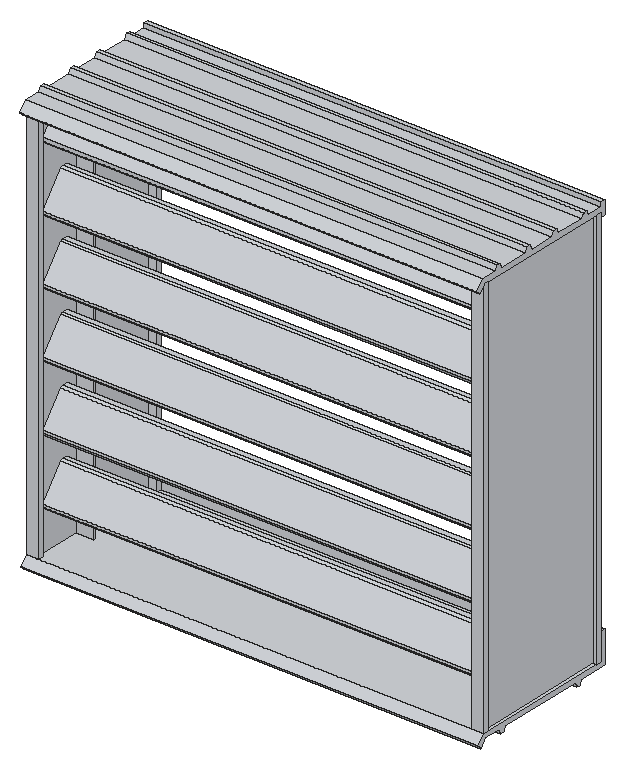
Revit family "FVE", category Mechanical Equipment, Revit 2015
Parameters
  URL = "https://unitedenertech.com/catalog/pdf/A_41%20FVE,%20FVF.pdf"
  Type Comments = "Max. Single Section Size is (48\"w x 15-3/4\"h)"
  Model = "FVE"
  Manufacturer = "United Enertech Corporation"
  Exact Width = 1' - 0"
  Exact Height = 0' - 11"
  Description = "Extruded Aluminum Flood Vent"
  Depth = 0' - 4.25621"
  Blade Spacing = 0' - 1 3/4"
  Blade Number [instance] = rounddown((Exact Height - 0' 0 1/4") / Blade Spacing)  # 6
  BW [instance] = Exact Width - 0' 0 1/4"  # 0' - 11 3/4"
Reference planes (in)
  plane 1 "Center (Front/Back)": y = 0
  plane 2: z = 0
  plane 3 "Center (Left/Right)": x = 0
  plane 4: x = -6
  plane 5: x = 6
  plane 6: z = 11
  plane 7: x = 5.87
  plane 8: x = -5.87
  plane 9: z = 0.13
  plane 10: x = -6.09318
  plane 11: x = 6.09318
  plane 12: z = 10.87
  plane 13: y = -0.23621
  plane 14: y = 4.02
Forms (in)
  Extrusion 1, solid
    sketch origin (24.73295, 44.30902, 0) x (0, 1, 0) y (-1, 0, 0)
      loop
        line (-44.30902, 18.95228) -> (-44.30902, 18.63978) -> (-44.17902, 18.63978) -> (-44.17902, 18.73295) -> (-40.54902, 18.73295) -> (-40.54902, 18.63978) -> (-40.41902, 18.63978) -> (-40.41902, 19.09395) -> (-40.54902, 19.09395) -> (-40.54902, 18.86295) -> (-42.89896, 18.86295) -> (-42.89896, 19.32719) -> (-42.94896, 19.32719) -> (-42.94896, 18.86295) -> (-44.17902, 18.86295) -> (-44.17902, 18.95228) -> (-44.30902, 18.95228)
    from 0.13 to 10.87
  Extrusion 2, solid
    sketch origin (-24.73295, 44.30902, 0) x (0, 1, 0) y (-1, 0, 0)
      loop
        line (-44.30902, -18.95228) -> (-44.17902, -18.95228) -> (-44.17902, -18.86295) -> (-42.94896, -18.86295) -> (-42.94896, -19.32719) -> (-42.89896, -19.32719) -> (-42.89896, -18.86295) -> (-40.54902, -18.86295) -> (-40.54902, -19.09395) -> (-40.41902, -19.09395) -> (-40.41902, -18.63978) -> (-40.54902, -18.63978) -> (-40.54902, -18.73295) -> (-44.17902, -18.73295) -> (-44.17902, -18.63978) -> (-44.30902, -18.63978) -> (-44.30902, -18.95228)
    from 0.13 to 10.87
  Extrusion 3, solid
    sketch origin (0, -18.21576, -14.19189) x (0, 1, 0) y (0, 0, 1)
      loop
        line (22.23576, 15.05274) -> (22.10576, 15.05274) -> (22.10576, 14.32189) -> (18.20392, 14.32189) -> (18.00081, 14.10968) -> (18.09454, 14.01996) -> (18.2591, 14.19189) -> (18.72213, 14.19189) -> (18.76615, 14.06481) -> (18.86587, 14.06481) -> (18.90989, 14.19189) -> (21.26852, 14.19189) -> (21.31254, 14.06481) -> (21.41226, 14.06481) -> (21.45628, 14.19189) -> (22.23576, 14.19189) -> (22.23576, 15.05274)
    from -6.09318 to 6.09318
  Extrusion 4, solid
    sketch origin (0, -14.62984, 17.3695) x (0, 1, 0) y (0, 0, 1)
      loop
        line (18.51984, -6.2445) -> (18.51984, -6.3695) -> (18.09384, -6.3695) -> (18.04834, -6.2445) -> (17.94534, -6.2445) -> (17.89984, -6.3695) -> (17.09384, -6.3695) -> (17.04834, -6.2445) -> (16.94534, -6.2445) -> (16.89984, -6.3695) -> (16.21884, -6.3695) -> (16.17334, -6.2445) -> (16.07034, -6.2445) -> (16.02484, -6.3695) -> (15.21884, -6.3695) -> (15.17334, -6.2445) -> (15.07034, -6.2445) -> (15.02484, -6.3695) -> (14.59484, -6.3695) -> (14.39363, -6.57786) -> (14.48714, -6.66817) -> (14.65002, -6.4995) -> (18.51984, -6.4995) -> (18.51984, -6.6195) -> (18.64984, -6.6195) -> (18.64984, -6.2445) -> (18.51984, -6.2445)
    from -6.09318 to 6.09318
Dimensions and locks (in)
  equal spacing: plane 4, plane 3 "Center (Left/Right)", plane 5
  "Exact Width": plane 4 to plane 5
  "Exact Height": plane 6 to level
  locked: plane 4 to plane 8 at 0.13
  locked: plane 7 to plane 5 at 0.13
  locked: plane 9 to level at 0.13
  locked: plane 5 to plane 11 at 0.09318
  locked: plane 10 to plane 4 at 0.09318
  locked: plane 6 to plane 12 at 0.13
  "Depth": plane 13 to plane 14
  equal spacing: group 1, group 2, group 3, group 4, group 5, group 6  (x2)
  equal spacing: group 6, group 5, group 4, group 3, group 2, group 1
  "Blade Spacing": nested 2 to nested 1
  aligned and locked: level to plane 2
  aligned and locked: Extrusion 2 to plane 9
  aligned and locked: Extrusion 1 to plane 9
  aligned and locked: plane 10 to Extrusion 3
  aligned and locked: Extrusion 3 to plane 11
  aligned and locked: plane 6 to Extrusion 4
  aligned and locked: plane 12 to Extrusion 2
  aligned and locked: plane 12 to Extrusion 1
  aligned and locked: plane 10 to Extrusion 4
  aligned and locked: Extrusion 4 to plane 11
  aligned and locked: plane 3 "Center (Left/Right)" to nested 1
  aligned and locked: plane 12 to nested 1
  aligned and locked: nested 2 to nested 1
Automatic sketch dimensions
  plane 1 "Center (Front/Back)" to Extrusion 1 sketch curve = 0' - 0"
  plane 5 to Extrusion 1 sketch curve = 0' - 0.09318"  (x2)
  Extrusion 1 sketch curve to plane 1 "Center (Front/Back)" = 0' - 0.13"  (x2)
  Extrusion 1 sketch curve to Extrusion 1 sketch curve = 0' - 1.23006"
  Extrusion 1 sketch curve to Extrusion 1 sketch curve = 0' - 0.05"
  Extrusion 1 sketch curve to Extrusion 1 sketch curve = 0' - 2.34994"
  Extrusion 1 sketch curve to Extrusion 1 sketch curve = 0' - 0"  (x2)
  Extrusion 1 sketch curve to Extrusion 1 sketch curve = 0' - 0.13"  (x2)
  Extrusion 1 sketch curve to Extrusion 1 sketch curve = 0' - 0.09318"
  Extrusion 1 sketch curve to Extrusion 1 sketch curve = 0' - 0.08932"
  Extrusion 1 sketch curve to Extrusion 1 sketch curve = 0' - 0.231"
  Extrusion 1 sketch curve to Extrusion 1 sketch curve = 0' - 0.46424"
  plane 1 "Center (Front/Back)" to Extrusion 2 sketch curve = 0' - 0"
  Extrusion 2 sketch curve to plane 4 = 0' - 0.09318"  (x2)
  plane 1 "Center (Front/Back)" to Extrusion 2 sketch curve = 0' - 0.13"  (x2)
  Extrusion 2 sketch curve to Extrusion 2 sketch curve = 0' - 1.23006"
  Extrusion 2 sketch curve to Extrusion 2 sketch curve = 0' - 0.05"
  Extrusion 2 sketch curve to Extrusion 2 sketch curve = 0' - 2.34994"
  Extrusion 2 sketch curve to Extrusion 2 sketch curve = 0' - 0"  (x2)
  Extrusion 2 sketch curve to Extrusion 2 sketch curve = 0' - 0.13"  (x2)
  plane 4 to Extrusion 2 sketch curve = 0' - 0"
  Extrusion 2 sketch curve to Extrusion 2 sketch curve = 0' - 0.08932"
  Extrusion 2 sketch curve to Extrusion 2 sketch curve = 0' - 0.231"
  Extrusion 2 sketch curve to Extrusion 2 sketch curve = 0' - 0.46424"
  Extrusion 3 sketch curve to plane 1 "Center (Front/Back)" = 0' - 3.89"
  Extrusion 3 sketch curve to Extrusion 3 sketch curve = 0' - 0.13"  (x2)
  Extrusion 3 sketch curve to Extrusion 3 sketch curve = 0' - 0.73086"
  Extrusion 3 sketch curve to Extrusion 3 sketch curve = 0' - 4.01122"
  Extrusion 3 sketch curve to Extrusion 3 sketch curve = 0' - 0.30193"
  Extrusion 3 sketch curve to Extrusion 3 sketch curve = 0' - 0.16456"
  Extrusion 3 sketch curve to level = 0' - 0.08221"
  Extrusion 3 sketch curve to Extrusion 3 sketch curve = 0' - 0 3/32"
  level to Extrusion 3 sketch curve = 0' - 0.13"
  Extrusion 3 sketch curve to Extrusion 3 sketch curve = 0' - 0.46302"
  Extrusion 3 sketch curve to Extrusion 3 sketch curve = 0' - 0.04402"  (x3)
  Extrusion 3 sketch curve to Extrusion 3 sketch curve = 0' - 0.12708"  (x3)
  Extrusion 3 sketch curve to Extrusion 3 sketch curve = 0' - 0.09972"  (x2)
  Extrusion 3 sketch curve to Extrusion 3 sketch curve = 0' - 0.83724"
  Extrusion 3 sketch curve to Extrusion 3 sketch curve = 0' - 0.18776"
  Extrusion 4 sketch curve to plane 1 "Center (Front/Back)" = 0' - 4.02"
  plane 6 to Extrusion 4 sketch curve = 0' - 0 1/8"
  Extrusion 4 sketch curve to Extrusion 4 sketch curve = 0' - 0.13"
  Extrusion 4 sketch curve to Extrusion 4 sketch curve = 0' - 0 1/8"  (x9)
  Extrusion 4 sketch curve to Extrusion 4 sketch curve = 0' - 0.426"
  Extrusion 4 sketch curve to Extrusion 4 sketch curve = 0' - 0.0455"  (x8)
  Extrusion 4 sketch curve to Extrusion 4 sketch curve = 0' - 0.103"  (x4)
  Extrusion 4 sketch curve to Extrusion 4 sketch curve = 0' - 0.806"
  Extrusion 4 sketch curve to Extrusion 4 sketch curve = 0' - 0.681"
  Extrusion 4 sketch curve to Extrusion 4 sketch curve = 0' - 1.0455"
  Extrusion 4 sketch curve to Extrusion 4 sketch curve = 0' - 0.43"
  Extrusion 4 sketch curve to Extrusion 4 sketch curve = 0' - 0.20121"
  Extrusion 4 sketch curve to Extrusion 4 sketch curve = 0' - 0.20836"
  Extrusion 4 sketch curve to Extrusion 4 sketch curve = 0' - 0.09351"
  Extrusion 4 sketch curve to Extrusion 4 sketch curve = 0' - 0.05518"
  Extrusion 4 sketch curve to Extrusion 4 sketch curve = 0' - 0"
  Extrusion 4 sketch curve to Extrusion 4 sketch curve = 0' - 0.12"
Nested families (in)
  nested 1: "BVE Blade" at (0, -3.07402, 4.41015), type "BVE Blade"
    with Blade Width 0' - 11 3/4"
  nested 2: "BVE Blade" at (0, -3.07402, 2.66015), type "BVE Blade"
    with Blade Width 0' - 11 3/4"
  nested 3: "BVE Blade" at (0, -3.07402, 0.91015), type "BVE Blade"
    with Blade Width 0' - 11 3/4"
  nested 4: "BVE Blade" at (0, -3.07402, -0.83985), type "BVE Blade"
    with Blade Width 0' - 11 3/4"
  nested 5: "BVE Blade" at (0, -3.07402, -2.58985), type "BVE Blade"
    with Blade Width 0' - 11 3/4"
  nested 6: "BVE Blade" at (0, -3.07402, -4.33985), type "BVE Blade"
    with Blade Width 0' - 11 3/4"
Definition of nested family "BVE Blade"
  Parameters (values of type "BVE Blade")
    Blade Width = 3' - 0"
  Reference planes (in)
    plane 1 "Center (Front/Back)": y = 0
    plane 2: z = 0
    plane 3 "Center (Left/Right)": x = 0
    plane 4: x = -18
    plane 5: x = 18
  Forms (in)
    Extrusion 1, solid
      sketch origin (-0.929, -1.34664, 2.27564) x (0, 1, 0) y (0, 0, 1)
        loop
          line (4.7157, 3.26451) -> (4.92108, 3.26451) -> (5.01949, 3.32133) -> (5.01949, 3.49011) -> (4.91241, 3.53357) -> (5.24642, 3.95929) -> (5.29717, 3.87138) -> (5.47735, 3.91966) -> (5.50448, 4.00577) -> (5.50448, 4.12222) -> (5.44249, 4.18421) -> (5.29057, 4.18421) -> (5.23295, 4.15273) -> (4.63753, 3.39382) -> (4.63753, 3.31748) -> (4.66917, 3.2787) -> (4.7157, 3.26451)
      from -17.071 to 18.929
  Dimensions and locks (in)
    equal spacing: plane 4, plane 3 "Center (Left/Right)", plane 5
    "Blade Width": plane 4 to plane 5
    aligned and locked: level to plane 2
    aligned and locked: plane 4 to Extrusion 1
    aligned and locked: Extrusion 1 to plane 5
  Automatic sketch dimensions
    Extrusion 1 sketch curve to plane 1 "Center (Front/Back)" = 0' - 3.29089"
    Extrusion 1 sketch curve to Extrusion 1 sketch curve = 0' - 0.03164"
    Extrusion 1 sketch curve to Extrusion 1 sketch curve = 0' - 0.04653"
    Extrusion 1 sketch curve to Extrusion 1 sketch curve = 0' - 0.27488"
    Extrusion 1 sketch curve to Extrusion 1 sketch curve = 0' - 0.20538"
    Extrusion 1 sketch curve to Extrusion 1 sketch curve = 0' - 0.10708"
    Extrusion 1 sketch curve to Extrusion 1 sketch curve = 0' - 0.21345"
    Extrusion 1 sketch curve to Extrusion 1 sketch curve = 0' - 0.01347"
    Extrusion 1 sketch curve to Extrusion 1 sketch curve = 0' - 0.05762"
    Extrusion 1 sketch curve to Extrusion 1 sketch curve = 0' - 0.05076"
    Extrusion 1 sketch curve to Extrusion 1 sketch curve = 0' - 0.15192"
    Extrusion 1 sketch curve to Extrusion 1 sketch curve = 0' - 0.18018"
    Extrusion 1 sketch curve to Extrusion 1 sketch curve = 0' - 0.02712"
    level to Extrusion 1 sketch curve = 0' - 5.54015"
    Extrusion 1 sketch curve to Extrusion 1 sketch curve = 0' - 0.01419"
    Extrusion 1 sketch curve to Extrusion 1 sketch curve = 0' - 0.03878"
    Extrusion 1 sketch curve to Extrusion 1 sketch curve = 0' - 0.05682"
    Extrusion 1 sketch curve to Extrusion 1 sketch curve = 0' - 0.07634"
    Extrusion 1 sketch curve to Extrusion 1 sketch curve = 0' - 0.16878"
    Extrusion 1 sketch curve to Extrusion 1 sketch curve = 0' - 0.04346"
    Extrusion 1 sketch curve to Extrusion 1 sketch curve = 0' - 0.38127"
    Extrusion 1 sketch curve to Extrusion 1 sketch curve = 0' - 0.04828"
    Extrusion 1 sketch curve to Extrusion 1 sketch curve = 0' - 0.08791"
    Extrusion 1 sketch curve to Extrusion 1 sketch curve = 0' - 0.08611"
    Extrusion 1 sketch curve to Extrusion 1 sketch curve = 0' - 0.11645"
    Extrusion 1 sketch curve to Extrusion 1 sketch curve = 0' - 0.19344"
    Extrusion 1 sketch curve to Extrusion 1 sketch curve = 0' - 0.06199"
